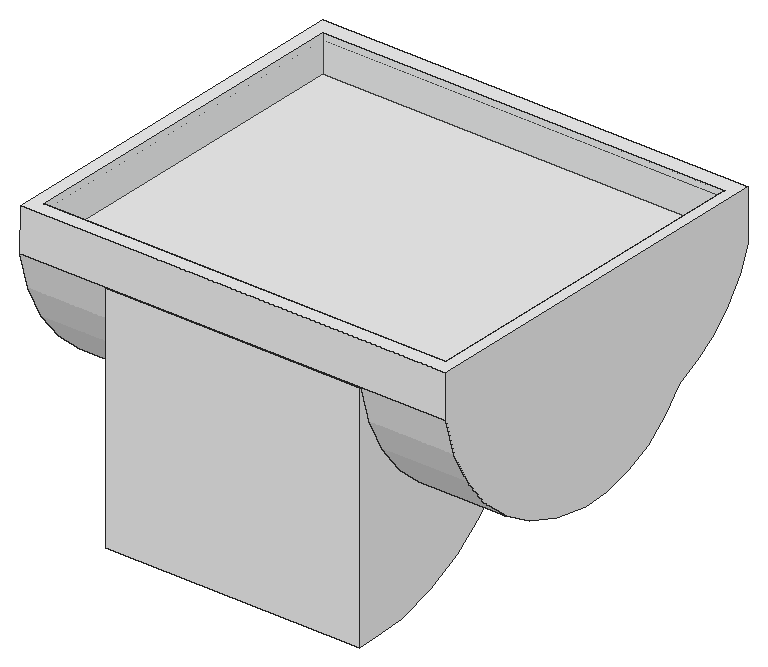
Revit family "WD14-Up", category Lighting Fixtures, host Wall, Revit 2013
Parameters (values of type "WD14-Up")
  Wattage Comments = "64W"
  Wattage = 12.1178 W
  built-in parameter 1150110 = 1 (stored number, unit not read)
  Voltage = 120 V
  URL = "www.kimlighting.com/"
  Type Comments = "Lighting Fixture"  # constant formula
  built-in parameter 1114217 = 1 (stored number, unit not read)
  Tilt Angle = -90.00°
  built-in parameter 1150109 = 1 (stored number, unit not read)
  built-in parameter 1150134 = (empty or 0)
  built-in parameter 1150113 = 1 (stored number, unit not read)
  Series = "Wall Director"  # constant formula
  Revision Date = "11/10/2017"  # constant formula
  Product Page URL = "http://www.kimlighting.com/products/wall_director"
  Product Documentation Link = "http://www.kimlighting.com/content/products/specs/specs_files/kl_wd14eled_spec.pdf"
  Power Factor = 1  # constant formula
  Photometric Web Link = "http://www.kimlighting.com/products/wall_director"
  Photometric Web File = "wd14d2-150p.ies"
  Photometric Notes = "More IES files download on Photometric Web Link"  # constant formula
  OmniClass Title = "Wall or Ceiling Mounted External Lighting"  # constant formula
  OmniClass Number = "23-80 70 14 11 17"  # constant formula
  Number of Poles = 1
  Note Visible = yes
  Note Text = "LF"  # constant formula
  Model = "WD18 - Down"  # constant formula
  MasterFormat Title = "Parking Lighting, Site Lighting"  # constant formula
  Manufacturer Phone = "626-968-5666"  # constant formula
  Manufacturer Fax = "626-369-2695"  # constant formula
  Manufacturer = "Kim Lighting"  # constant formula
  Lumens = 1800 lm
  built-in parameter 1150115 = 1 (stored number, unit not read)
  built-in parameter 1150105 = 874 (stored number, unit not read)
  Load Classification = Lighting
  built-in parameter 1150137 = (empty or 0)
  built-in parameter 1150139 = (empty or 0)
  built-in parameter 1150112 = 1 (stored number, unit not read)
  built-in parameter 1150114 = 1 (stored number, unit not read)
  Lamp = "60 LEDs"  # constant formula
  built-in parameter 1150132 = 2
  built-in parameter 1150102 = (empty or 0)
  built-in parameter 1150138 = (empty or 0)
  built-in parameter 1150107 = 3000 (stored number, unit not read)
  built-in parameter 1150106 = 8.74 (stored number, unit not read)
  Housing material = Metal-Kim Lighting-Spun Aluminum
  Glass Material = Glass-Kim Lighting-Clear
  Finish = "All colors shall be a Super TGIC powder coat paint. Optional white (WH) and custom colors available."
  Emit from Rectangle Width = 10"
  Emit from Rectangle Length = 10"
  Emit Shape Visible in Rendering = no
  built-in parameter 1150104 = 13.8 (stored number, unit not read)
  Default Elevation = 80"
  Dimming Lamp Color Temperature Shift = <None>
  Description = "Wall Mounted Luminaire"  # constant formula
  Color Filter = 16777215
  built-in parameter 1114218 = 1 (stored number, unit not read)
  built-in parameter 1150133 = 10 (stored number, unit not read)
  Assembly Code = "D5020200"
  Apparent Load = 0 VA
Reference planes (in)
  plane 1: y = 0
  plane 2 "Light Source Axis (F/B)": y = 11.5
  plane 3 "Light Source Axis (L/R)": x = -1.43133
  plane 4 "Light Source Elevation": z = 80
  plane 5 "Back": y = 3
  plane 6: z = 0
  plane 7: x = -8.74383
  plane 8: x = 5.88117
Forms (in)
  Extrusion 1, solid, material "Metal-Kim Lighting-Spun Aluminum" <- "Housing material"
    sketch origin (5.88117, 0, 0) x (0, -1, 0) y (0, 0, 1)
      loop
        line (-3, 80) -> (-16, 80) -> (-16, 78.2401)
        arc (-16, 78.2401) -> (-14.82061, 76.41949) -> (-13, 75.2401) r 5.1891
        arc (-13, 75.2401) -> (-11.26413, 73.71184) -> (-9, 73.2401) r 4.52817
        arc (-9, 73.2401) -> (-5.08896, 74.83083) -> (-3, 78.5) r 6.44949
        line (-3, 78.5) -> (-3, 80)
    from 0 to 14.625
  Extrusion 2, void
    sketch origin (-1.43133, 11.5, 0) x (0, 1, 0) y (0, 0, 1)
      loop
        line (3.94219, 80) -> (-8.05781, 80) -> (-8.05781, 78.75) -> (3.94219, 78.75) -> (3.94219, 80)
    from -6.87139 to 6.95833
  Extrusion 3, solid, material "Glass-Kim Lighting-Clear" <- "Glass Material"
    sketch origin (0, 0, 80) x (0, 1, 0) y (1, 0, 0)
      loop
        line (15.44219, -8.30272) -> (15.44219, 5.52701) -> (3.44219, 5.52701) -> (3.44219, -8.30272) -> (15.44219, -8.30272)
    from 0.19913 to 0
  Extrusion 4, solid, material "Metal-Kim Lighting-Spun Aluminum" <- "Housing material"
    sketch origin (2.94367, 0, 160) x (0, -1, 0) y (0, 0, 1)
      loop
        line (-3, -81.5) -> (-9, -81.5) -> (-9, -86.7599)
        arc (-9, -86.7599) -> (-6.57238, -88.77705) -> (-3.5, -89.5) r 6.88992
        line (-3.5, -89.5) -> (-3, -89.5) -> (-3, -81.5)
    from 0 to 8.75
Cuts and joins
  Extrusion 2 cuts Extrusion 1
Text (in)
  text "Placement Side" at (0, 30.98322, 113.37339), in view "Right"
  text "Placement Side" at (-61.11156, 46.17328, 0), in view "Ref. Level"
  text "Placement Side" at (0, 57.47769, 119.52905), in view "Left"
Dimensions and locks (in)
  locked: plane 5 "Back" to plane 2 "Light Source Axis (F/B)" at 8.5
  locked: plane 5 "Back" to host wall at 0
  "Default Elevation": plane 6 to plane 4 "Light Source Elevation"
  equal spacing: plane 7, plane 3 "Light Source Axis (L/R)", plane 8
  locked: plane 7 to plane 8 at 14.625
  locked: plane 1 to plane 2 "Light Source Axis (F/B)" at 11.5
  aligned and locked: plane 4 "Light Source Elevation" to imposter light
  aligned and locked: level to plane 6
  aligned and locked: plane 7 to cut or joined group of Extrusion 1, Extrusion 2
  aligned and locked: cut or joined group of Extrusion 1, Extrusion 2 to plane 8
  aligned and locked: plane 4 "Light Source Elevation" to Extrusion 2 sketch curve
  aligned and locked: Extrusion 3 sketch curve to cut or joined group of Extrusion 1, Extrusion 2  (x4)
  aligned and locked: plane 4 "Light Source Elevation" to Extrusion 3
Automatic sketch dimensions
  plane 4 "Light Source Elevation" to Extrusion 1 sketch curve = 0"
  Extrusion 1 sketch curve to host wall = 0"
  plane 4 "Light Source Elevation" to Extrusion 1 sketch curve = 1.7599"
  Extrusion 1 sketch curve to plane 2 "Light Source Axis (F/B)" = 4 1/2"
  Extrusion 1 sketch curve to plane 2 "Light Source Axis (F/B)" = 1 1/2"
  Extrusion 1 sketch curve to plane 4 "Light Source Elevation" = 0.08874"
  plane 2 "Light Source Axis (F/B)" to Extrusion 1 sketch curve = 0.34864"
  plane 4 "Light Source Elevation" to Extrusion 1 sketch curve = 0.31941"
  Extrusion 1 sketch curve to Extrusion 1 sketch curve = 1.81085"
  Extrusion 1 sketch curve to Extrusion 1 sketch curve = 0.10144"
  plane 2 "Light Source Axis (F/B)" to Extrusion 1 sketch curve = 2 1/2"
  Extrusion 1 sketch curve to Extrusion 1 sketch curve = 0"
  host wall to Extrusion 2 sketch curve = 0.44219"
  plane 4 "Light Source Elevation" to Extrusion 2 sketch curve = 1 1/4"
  Extrusion 2 sketch curve to plane 2 "Light Source Axis (F/B)" = 3.94219"
  Extrusion 4 sketch curve to host wall = 0"
  plane 4 "Light Source Elevation" to Extrusion 4 sketch curve = 9 1/2"
  host wall to Extrusion 4 sketch curve = 1/2"
  plane 2 "Light Source Axis (F/B)" to Extrusion 4 sketch curve = 2 1/2"
  Extrusion 4 sketch curve to Extrusion 4 sketch curve = 2.7401"
  Extrusion 4 sketch curve to Extrusion 4 sketch curve = 1.11008"
